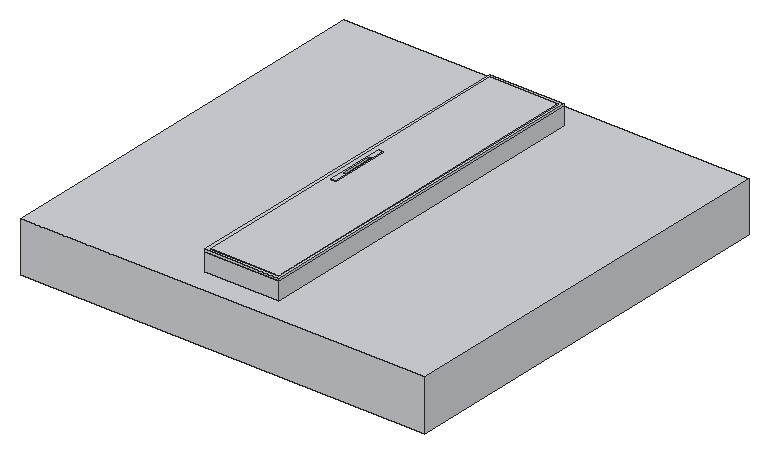
Revit family "配電盤", category 電気設備, Revit 2022
Family settings
  ホスト = 面
  パネル構成 = 二列表示、回路横
  丸型コネクタ寸法 = 直径を使用
  パーツ タイプ = 分電盤
  ロード時にボイドで切り取り = いいえ
  注釈の向きを維持 = いいえ
  共有 = いいえ
  部屋計算ポイント = いいえ
Parameters (values of type "標準")
  幅 = 450 mm
  幅 2 = if((幅 / 高さ) > 5, 幅 1 * 0.4, 幅 1 * 0.2)  # 5.4 mm
  幅 1 = 幅 * 0.06  # 27 mm
  電圧 1 = 400 V
  極数 = 3
  built-in parameter 1140081 [instance] = "サーフェス"
  built-in parameter 1140079 [instance] = 4
  マテリアル = none
  built-in parameter 1140082 [instance] = 60 (stored number, unit not read)
  built-in parameter 1155100 [instance] = -1
  built-in parameter 1140142 [instance] = -1
  built-in parameter 1140140 [instance] = 30 (stored number, unit not read)
  負荷分類 = その他
  長さ = 120 mm
  高さ = 2150 mm
  高さ 2 = 高さ 1 * 0.5  # 89.225 mm
  高さ 1 = 高さ * 0.083  # 178.45 mm
  既定の高さ = 1200 mm
  皮相負荷 = 0 VA
Types (2, lengths in mm): name | 幅 | 幅 2 | 幅 1 | 長さ | 高さ | 高さ 2 | 高さ 1 | 既定の高さ
  標準 | 450 | 5.4 | 27 | 120 | 2150 | 89.225 | 178.45 | 1200
  CP盤 | 666.667 | 8 | 40 | 400 | 2168.675 | 90 | 180 | 0
Reference planes
  plane 1 "中心(正面/背面)": y = 0
  plane 2: z = 0
  plane 3 "中心(左/右)": x = 0
  plane 4: y = 1075
  plane 5: y = -1075
  plane 6: x = -225
  plane 7: x = 225
  plane 8: z = 120
  plane 9: z = 108
  plane 10: y = 1055
  plane 11: x = -205
  plane 12: y = -1055
  plane 13: x = 205
  plane 14: x = -178
  plane 15: x = -151
  plane 16: y = 178.45
  plane 17: y = -178.45
  plane 18: x = -172.6
  plane 19: x = -156.4
  plane 20: y = 89.225
  plane 21: y = -89.225
Forms (mm)
  Extrusion 1, solid
    sketch origin (0, 0, 0) x (1, 0, 0) y (0, 1, 0)
      loop
        line (-1219.2, 1219.2) -> (-1219.2, -1219.2) -> (1219.2, -1219.2) -> (1219.2, 1219.2) -> (-1219.2, 1219.2)
    from 0 to -304.8
  Extrusion 2, solid, material <- "マテリアル"
    sketch origin (0, 0, 0) x (1, 0, 0) y (0, 1, 0)
      loop
        line (-225, 1075) -> (-225, -1075) -> (225, -1075) -> (225, 1075) -> (-225, 1075)
    from 0 to 108
  Extrusion 3, solid, material <- "マテリアル"
    sketch origin (0, 0, 0) x (1, 0, 0) y (0, 1, 0)
      loop
        line (-225, 1075) -> (-225, -1075) -> (225, -1075) -> (225, 1075) -> (-225, 1075)
    from 108 to 120
  Extrusion 4, solid, material <- "マテリアル"
    sketch origin (0, 0, 0) x (1, 0, 0) y (0, 1, 0)
      loop
        line (-205, 1055) -> (-205, -1055) -> (205, -1055) -> (205, 1055) -> (-205, 1055)
    from 108 to 120
  Extrusion 5, solid, material <- "マテリアル"
    sketch origin (0, 0, 0) x (1, 0, 0) y (0, 1, 0)
      loop
        line (-178, 178.45) -> (-178, -178.45) -> (-151, -178.45) -> (-151, 178.45) -> (-178, 178.45)
    from 108 to 120
  Extrusion 6, void
    sketch origin (0, 0, 0) x (1, 0, 0) y (0, 1, 0)
      loop
        arc (-172.6, -89.225) -> (-164.5, -97.325) -> (-156.4, -89.225) r 8.1
        line (-156.4, -89.225) -> (-156.4, 89.225)
        arc (-156.4, 89.225) -> (-164.5, 97.325) -> (-172.6, 89.225) r 8.1
        line (-172.6, 89.225) -> (-172.6, -89.225)
    from 108 to 120
Cuts and joins
  Extrusion 6 cuts Extrusion 4
  joined: Extrusion 2, Extrusion 4
  Extrusion 6 cuts Extrusion 5
  Extrusion 6 cuts Extrusion 3
Dimensions and locks
  "幅": plane 6 to plane 7
  equal spacing: plane 6, plane 3 "中心(左/右)", plane 7
  equal spacing: plane 4, plane 1 "中心(正面/背面)", plane 5
  "高さ": plane 4 to plane 5
  "長さ": plane 8 to plane 2
  locked: plane 8 to plane 9 at 12
  locked: plane 6 to plane 11 at 20
  locked: plane 13 to plane 7 at 20
  locked: plane 12 to plane 5 at 20
  locked: plane 4 to plane 10 at 20
  "幅 1": plane 11 to plane 14
  "幅 1": plane 14 to plane 15
  "高さ 1": plane 1 "中心(正面/背面)" to plane 16
  "幅 2": plane 14 to plane 18
  "幅 2": plane 19 to plane 15
  "高さ 2": plane 16 to plane 20
  "高さ 2": plane 21 to plane 17
  equal spacing: plane 16, plane 1 "中心(正面/背面)", plane 17
  aligned and locked: plane 2 to Extrusion 1
  aligned and locked: level to Extrusion 1
  aligned and locked: Extrusion 2 sketch curve to plane 4
  aligned and locked: Extrusion 2 sketch curve to plane 6
  aligned and locked: plane 5 to Extrusion 2 sketch curve
  aligned and locked: Extrusion 2 sketch curve to plane 7
  aligned and locked: Extrusion 2 to plane 2
  aligned and locked: plane 9 to Extrusion 2
  aligned and locked: Extrusion 3 sketch curve to plane 4
  aligned and locked: Extrusion 3 sketch curve to plane 6
  aligned and locked: plane 5 to Extrusion 3 sketch curve
  aligned and locked: Extrusion 3 sketch curve to plane 7
  aligned and locked: Extrusion 3 to plane 9
  aligned and locked: plane 8 to Extrusion 3
  aligned and locked: Extrusion 4 sketch curve to plane 10
  aligned and locked: Extrusion 4 sketch curve to plane 11
  aligned and locked: plane 12 to Extrusion 4 sketch curve
  aligned and locked: Extrusion 4 sketch curve to plane 13
  aligned and locked: Extrusion 4 to plane 9
  aligned and locked: plane 8 to Extrusion 4
  aligned and locked: Extrusion 5 sketch curve to plane 16
  aligned and locked: Extrusion 5 sketch curve to plane 14
  aligned and locked: plane 17 to Extrusion 5 sketch curve
  aligned and locked: Extrusion 5 sketch curve to plane 15
  aligned and locked: plane 8 to Extrusion 5
  aligned and locked: Extrusion 5 to plane 9
  aligned and locked: Extrusion 6 sketch curve to plane 18
  aligned and locked: Extrusion 6 sketch curve to plane 19
  aligned and locked: plane 8 to Extrusion 6
  aligned and locked: plane 3 "中心(左/右)" to nested 1
  aligned and locked: Extrusion 6 to plane 9
  aligned and locked: plane 2 to nested 1
Automatic sketch dimensions
  Extrusion 1 sketch curve to Extrusion 1 sketch curve = 2438.4 mm  (x2)
  Extrusion 6 sketch curve to plane 20 = 0 mm
  Extrusion 6 sketch curve to plane 21 = 0 mm
Nested families
  nested 1: "配電盤注釈" at (0, 0, 0) x (-1, 0, 0) z (0, -1, 0), type "配電盤注釈"
Connectors
  electrical at (0, 1075, 54), driven by "電圧 1", driven by "負荷分類", driven by "皮相負荷", driven by "極数"
    settings: on Extrusion 2, index 1, voltage 400 V, apparent load 0 VA, apparent load phase1 0 VA, apparent load phase2 0 VA, apparent load phase3 0 VA, power factor 1, load classification "その他", number of poles 3, system type 31, power factor state 1, is connector primary yes, connector utility no, sub classification motor no, connector description ""
  cabletrayconduit at (0, 1075, 54), diameter 600
    settings: on Extrusion 2, index 2, connector width 300 mm, connector height 300 mm, connector angle 0.00°, system type 32, placement type 1, profile type 0, connector reference index -1, is primary connector yes, connector utility param no, connector description ""
Definition of nested family "配電盤注釈"
  Reference planes
    plane 1 "中心(正面/背面)": y = 0
    plane 2: z = 0
    plane 3 "中心(左/右)": x = 0
  Lines and regions (mm)
    Filled region 1, type "コンクリート", in view "基準レベル"
      outline origin (0, 150, 0) x (1, 0, 0) y (0, 1, 0)
        loop
          line (300, 150) -> (-300, -150) -> (300, -150) -> (300, 150)
    detail lines, in view "基準レベル"
      curve 1: line (300, 300, 0) -> (-300, 300, 0)
      curve 2: line (-300, 300, 0) -> (-300, 0, 0)
